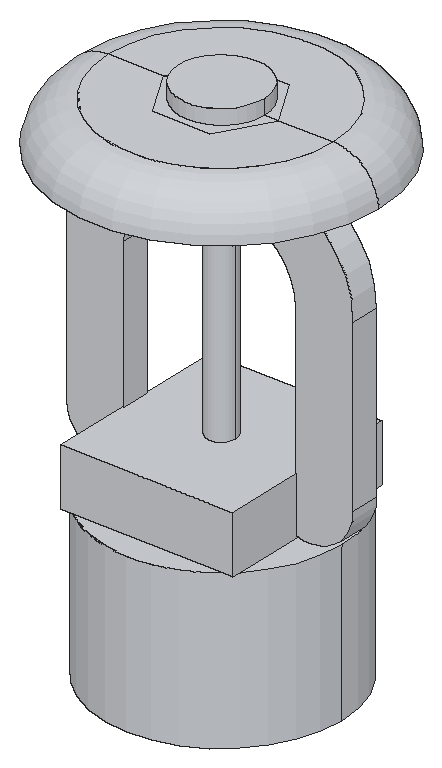
Revit family
Parameters (values of type "RASCO F1FR-300 UPRIGHT")
  Temperature Rating = 135 °F
  Response = 1
  RASCO SIN # = "R5622"
  RASCO Part # = "F1FRU0LB3"
  Pressure Rating = "300 PSI"
  Pressure Class = 1
  Orifice Size = 17/32"
  Orifice = (empty or 0)
  Model = "F1FR-300"
  Manufacturer = "RASCO"
  K-Factor = 8
  Description = "Brz. Finish"
  Coverage = (empty or 0)
Reference planes (in)
  plane 1 "Center (Front/Back)": y = 0
  plane 2: z = 0
  plane 3 "Center (Left/Right)": x = 0
Dimensions and locks (in)
  aligned and locked: plane 2 to level
Nested families (in)
  nested 1: "F1FRU0LB3" at (-0.04208, -0.04453, 0), type "RASCO F1FR-300 UPRIGHT"
Connectors (in)
  piping at (-0.04208, -0.04453, 0)
    settings: on nested 1, index 1, connector radius 1/2", flow factor 0, pipe flow 0 GPM, pressure drop 0.00 psi, fitting loss kfactor 0, connector angle 0.00°, fixture units 0, flow configuration 0, flow direction 0, fitting loss method 0, system type 7, connector reference index -1, connector utility 0, adjustable connector no, is connector primary yes, fitting loss table "", connector description ""
Definition of nested family "F1FRU0LB3"
  Parameters (values of type "RASCO F1FR-300 UPRIGHT")
    Type Comments = ""
    Temperature Rating = 0 °F
    Response = (empty or 0)
    Pressure Rating = "0"
    Pressure Class = (empty or 0)
    Orifice Size = 0"
    Orifice = (empty or 0)
    Model = ""
    Manufacturer = ""
    K-Factor = 0
    Description = ""
    Coverage = (empty or 0)
    Assembly Code = ""
  Reference planes (in)
    plane 1 "Center (Front/Back)": y = 0
    plane 2: z = 0
    plane 3 "ref.2": z = 0.6875
    plane 4 "ref.3": z = 0.9375
    plane 5: x = -0.38065
    plane 6: x = 0.36935
    plane 7 "ref. side 1": y = 0.06402
    plane 8 "ref. side 2": y = -0.06098
    plane 9 "ref.4": z = 1.875
    plane 10 "ref.5": z = 2.3125
    plane 11 "ref.6": z = 2.4375
  Forms (in)
    Extrusion 1, solid
      sketch origin (0, 0, 0) x (1, 0, 0) y (0, 1, 0)
        loop
          circle (0, 0) r 0.5221
      from 0 to 0.6875
    Extrusion 2, solid
      sketch origin (-0.12185, 0.05177, 0.6875) x (1, 0, 0) y (0, 1, 0)
        loop
          line (-0.2588, 0.356) -> (-0.2588, -0.4565) -> (0.4912, -0.4565) -> (0.4912, 0.356) -> (-0.2588, 0.356)
      from 0 to 0.25
    Extrusion 3, solid
      sketch origin (0, 0, 0) x (1, 0, 0) y (0, 0, 1)
        loop
          line (-0.38065, 0.69674) -> (-0.38065, 1.58397)
          arc (-0.38065, 1.58397) -> (-0.29541, 1.78976) -> (-0.08962, 1.875) r 0.29103
          line (-0.08962, 1.875) -> (0.07524, 1.875)
          arc (0.07524, 1.875) -> (0.28321, 1.78886) -> (0.36935, 1.58089) r 0.29411
          line (0.36935, 1.58089) -> (0.36935, 0.69728)
          arc (0.36935, 0.69728) -> (0.54046, 0.72329) -> (0.61935, 0.87734) r 0.18984
          line (0.61935, 0.87734) -> (0.61935, 1.61676)
          arc (0.61935, 1.61676) -> (0.48879, 1.93194) -> (0.17361, 2.0625) r 0.44574
          line (0.17361, 2.0625) -> (-0.18509, 2.0625)
          arc (-0.18509, 2.0625) -> (-0.50015, 1.932) -> (-0.63065, 1.61694) r 0.44556
          line (-0.63065, 1.61694) -> (-0.63065, 0.87876)
          arc (-0.63065, 0.87876) -> (-0.55196, 0.72414) -> (-0.38065, 0.69674) r 0.19126
      from -0.06402 to 0.06098
    Extrusion 4, solid
      sketch origin (0, 0, 0.9375) x (-1, 0, 0) y (0, -1, 0)
        loop
          circle (0.00574, -0.00152) r 0.0625
      from 0 to 0.9375
    Extrusion 5, solid
      sketch origin (0, 0, 1.875) x (-1, 0, 0) y (0, -1, 0)
        loop
          circle (0.00574, -0.00152) r 0.1875
      from 0 to 0.4375
    Revolve 6, solid
      sketch origin (0, 0, -0.2777) x (1, 0, 0) y (0, 0, 1)
        loop
          line (-0.19324, 2.33367) -> (-0.19324, 2.52696) -> (-0.25733, 2.52696) -> (-0.49638, 2.52696)
          arc (-0.49638, 2.52696) -> (-0.63432, 2.47056) -> (-0.69321, 2.33367) r 0.19686
          line (-0.69321, 2.33367) -> (-0.19324, 2.33367)
        axis (-0.00574, 2.33367) -> (-0.00574, 2.52696)
      angle from 0 to 360
  Cuts and joins
    joined: Extrusion 1, Extrusion 2, Extrusion 4, Revolve 6
  Lines and regions (in)
    model lines
      curve 1: line (-0.00574, 0.06402, 1.875) -> (-0.00574, -0.06098, 1.875)
  Dimensions and locks (in)
    Extrusion 3 to Extrusion 3 = 0' - 1 1/4"
    Extrusion 5 to cut or joined group of Extrusion 1, Extrusion 2, Extrusion 4, Revolve 6 = 0' - 2 5/16"
